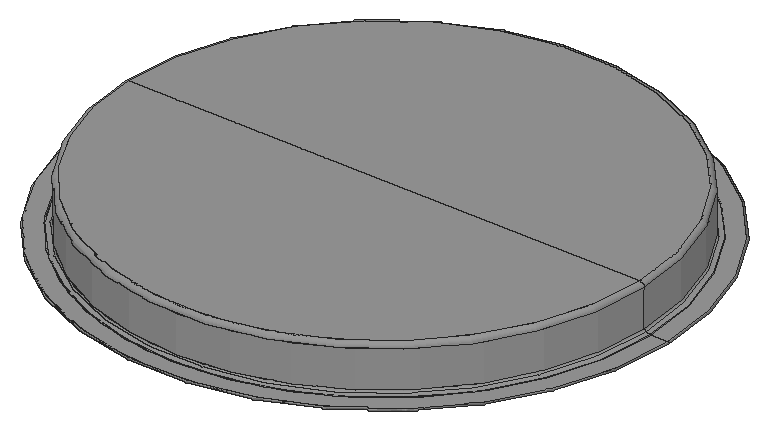
Revit family "MIA13_63_UN_Downlighter_ETK", category Lighting Fixtures, Revit 2017 (continued)
Definition of nested family "MIA.13 - Lightsource"
  Types (8, lengths in mm): name | Wattage | built-in parameter 1150134 | Photometric Web File | built-in parameter 1150142 | built-in parameter 1150105 | Lumens | built-in parameter 1150107 | built-in parameter 1150106
      5 175.7481 170.8884 165.4661 159.6765 \r\n154.0902 148.9101 143.8315 138.9796 134.5183 130.0492 \r\n124.666 118.9624 113.2042 107.3834 101.5314 95.8903 90.9915 \r\n86.1005 80.9829 75.67 70.3414 64.966 59.575 54.1761 48.7694 \r\n43.3784 38.1358 33.4948 28.8538 24.1113 19.3062 14.6105 \r\n10.4461 6.6411 3.7425 2.8987 2.8362 2.7737 \r\n345.652 346.9724 346.7615 346.0974 344.9019 343.48 342.5268 \r\n342.2064 342.0111 341.9095 341.9408 341.972 340.9251 \r\n339.6828 338.0186 335.7997 333.2839 331.0337 329.3226 \r\n327.674 326.3927 325.502 324.5332 322.7283 320.6813 318.228 \r\n315.2434 312.0009 308.8601 305.9536 303.0471 300.6719 \r\n298.5389 296.3357 293.7495 290.9993 288.0381 284.7644 \r\n281.3267 277.6076 273.2479 268.8804 265.2082 261.7626 \r\n258.4733 255.4184 252.5041 249.1757 244.9879 240.6204 \r\n235.9637 230.8227 225.6895 221.1032 216.6966 212.5166 \r\n208.6726 205.0473 201.1642 196.3982 191.64 186.5146 \r\n181.1313 175.7481 170.6618 165.7083 160.8094 155.9809 \r\n151.1759 146.2614 140.972 135.6825 130.4321 125.1973 \r\n119.8844 114.2746 108.4772 102.7971 97.3826 92.0775 86.8896 \r\n82.0298 77.1779 71.8181 66.2317 60.661 55.2153 49.8789 \r\n44.5504 39.2531 33.9636 29.0882 24.6894 20.361 15.8684 \r\n11.2978 6.7193 2.133 0 0 0 \r\n345.652 344.9176 345.3629 345.9489 346.1286 345.8005 \r\n345.1988 344.23 342.5971 340.9876 339.6359 338.4874 \r\n337.4326 336.9873 336.7138 336.0966 335.0496 333.737 \r\n332.0416 329.5336 327.0255 324.2831 321.4626 318.9312 \r\n317.2748 316.0091 314.5011 312.626 310.5633 308.1256 \r\n304.977 301.8361 298.1014 294.1949 290.6399 287.7569 \r\n285.2567 282.7018 279.9984 277.2404 274.0761 270.3649 \r\n266.6536 262.6533 258.5749 254.4183 250.1602 245.8395 \r\n241.6986 238.1124 234.5261 230.8462 227.1115 223.244 \r\n218.6733 213.7667 208.7116 203.4143 198.0389 192.9057 \r\n188.4757 184.0534 179.8891 175.8497 171.5681 166.5208 \r\n160.9501 155.3168 149.5351 143.7612 138.3233 133.6354 \r\n128.9554 123.8612 118.5874 113.2042 107.6412 101.9533 \r\n96.3825 91.2649 86.1786 80.811 75.1543 69.4664 64.1066 \r\n58.9265 53.7229 48.4804 43.2299 38.0577 33.3229 28.5882 \r\n23.7284 18.7827 13.923 9.8133 6.2505 3.4846 2.5627 2.594 \r\n2.6252 \r\n345.652 346.4568 346.5193 346.488 346.1442 345.2848 \r\n344.1519 342.9018 341.4329 340.0188 339.1671 338.9874 \r\n338.7843 338.2374 337.5889 336.5732 335.034 333.2057 \r\n331.1977 328.7288 326.2521 324.0722 322.0408 320.1031 \r\n318.5327 317.1185 315.4778 313.462 311.2353 308.6647 \r\n305.2348 301.797 298.2811 294.7262 291.4681 288.9132 \r\n286.7958 284.4363 281.5845 278.5686 275.209 271.1852 \r\n267.1693 262.708 258.0827 253.7855 250.082 246.8005 \r\n243.4409 239.8312 236.2138 232.1041 227.5803 223.0096 \r\n218.5796 214.2199 209.6648 204.7582 199.6406 194.6558 \r\n190.2649 185.8661 181.6001 177.4045 173.0682 168.0444 \r\n162.5518 156.981 151.2384 145.4411 139.7765 134.5808 \r\n129.3851 124.4785 119.7359 114.8605 109.5945 103.9847 \r\n98.3202 92.4838 86.6005 81.1079 76.1544 71.2712 66.177 \r\n60.9657 55.7387 50.4727 45.1832 39.9641 35.3153 30.6743 \r\n25.838 20.8141 15.7903 11.4384 7.6022 3.7659 0 0 0 \r\n345.652 344.3941 343.5112 342.683 342.5346 342.9409 \r\n343.4409 343.6206 343.4018 343.0815 341.9017 340.4485 \r\n338.7765 336.6591 334.4324 332.8698 331.9322 331.0649 \r\n330.1195 329.0726 328.0334 326.0723 324.0409 321.6736 \r\n318.8999 315.9544 313.1104 310.3758 307.7506 305.5395 \r\n303.719 301.8283 299.1171 296.3044 293.2651 289.9914 \r\n286.5771 282.8893 278.7718 274.7402 271.3415 268.31 \r\n265.3098 262.4111 259.5437 256.1059 252.0353 247.6912 \r\n243.1206 238.1592 233.1979 229.1507 225.3223 221.4939 \r\n217.6108 213.7198 209.4773 204.766 199.9297 194.8824 \r\n189.5304 184.1785 179.4125 174.7637 170.0914 165.3879 \r\n160.661 155.7934 150.629 145.4723 140.4016 135.4246 \r\n130.3774 124.6113 118.6421 112.876 107.3756 102.0314 \r\n96.8904 92.2181 87.5459 82.233 76.6388 71.0134 65.4192 \r\n59.8484 54.3792 49.082 43.8941 38.9249 34.4558 29.9867 \r\n25.1113 20.0953 15.2746 10.9149 6.8521 3.8362 3.0393 2.6096 \r\n2.1799 \r\n345.652 343.1909 343.1362 343.4175 343.8941 344.4488 \r\n344.6363 344.2456 343.5503 342.5033 340.6047 338.6983 \r\n337.167 335.7762 334.6277 333.9792 333.6354 332.9557 \r\n331.5493 329.9555 327.9787 325.3379 322.7049 320.0719 \r\n317.4389 315.0559 313.1182 311.4775 309.7195 307.5553 \r\n305.391 302.8127 299.9062 296.9138 293.1948 289.1085 \r\n285.3504 282.1627 279.3187 276.4591 273.537 270.6227 \r\n267.3725 263.9269 260.2703 255.9575 251.1915 246.5896 \r\n242.3392 238.2452 234.3621 231.1118 227.8616 223.9237 \r\n219.6422 215.1106 210.1883 204.9301 199.7969 195.1168 \r\n190.5149 185.9833 181.5454 177.1232 172.3728 167.435 \r\n162.3486 156.981 151.379 145.8551 140.886 135.9169 130.7915 \r\n125.5332 120.2438 114.9777 109.7117 104.5316 99.5312 \r\n94.6246 89.6008 83.8034 77.9983 72.4353 67.0365 61.7939 \r\n56.981 52.5822 48.0506 42.9877 37.7451 32.5338 27.4162 \r\n22.3142 17.4936 12.8682 8.2897 3.7112 0 0 0 \r\n345.652 345.9255 345.8239 345.6676 345.1129 343.9878 \r\n342.5736 341.2767 340.2297 339.2531 338.7999 338.8624 \r\n338.8468 338.0498 337.0263 335.6903 333.948 331.9869 \r\n329.807 327.1506 324.4863 322.8143 321.5564 320.2985 \r\n318.8452 317.3139 315.3528 312.7588 309.8914 306.7271 \r\n302.9534 299.1796 296.281 293.6636 291.1946 288.9054 \r\n286.7255 284.1472 280.7485 277.1779 273.2479 268.7632 \r\n264.2785 260.4735 256.8873 253.4104 250.0977 246.8865 \r\n243.4565 239.2999 235.1356 230.8852 226.5646 222.1814 \r\n217.3607 212.3291 207.5162 203.094 198.9452 195.1715 \r\n192.7104 190.2571 187.8037 185.3426 180.6704 172.7869 \r\n163.2315 155.1449 149.9805 144.8238 139.8078 134.909 \r\n130.0102 125.1582 120.3219 115.1809 109.6258 103.8831 \r\n98.203 92.6791 87.1552 82.2408 77.592 72.8885 67.8491 \r\n62.6533 57.4029 52.0822 46.7458 41.4876 36.3935 31.2993 \r\n26.8068 22.533 18.3217 14.173 10.0555 6.7583 5.1801 3.8597 \r\n2.5393 \r\n345.652 345.8395 345.402 344.816 343.7925 342.5502 341.6048 \r\n341.1204 340.8782 340.6516 340.4641 340.2766 339.4718 \r\n338.3936 337.1045 335.3465 333.276 331.1821 329.057 326.963 \r\n325.2207 324.2597 323.2987 321.8689 320.2438 318.2983 \r\n315.7512 312.751 309.6414 306.1411 302.6174 299.8516 \r\n297.8592 295.9528 293.6323 291.1009 288.3038 285.0223 \r\n281.397 277.6467 273.287 268.9194 265.091 261.6298 258.278 \r\n255.059 251.9337 248.5897 244.7222 240.6047 236.4482 \r\n232.1197 227.7912 223.0956 218.1733 213.3135 208.8054 \r\n204.6332 200.4922 196.4997 192.5385 188.1788 183.1706 \r\n178.0764 172.6307 166.974 161.497 156.52 151.9962 147.449 \r\n142.6361 137.8155 132.7526 127.4396 122.0642 116.4857 \r\n110.7274 105.1488 100.0156 95.2184 90.4055 85.3739 80.3344 \r\n75.1856 69.9273 64.7004 59.8015 55.2465 50.6055 45.6129 \r\n40.4485 35.3856 30.6508 25.9552 21.6736 17.7123 13.8448 \r\n9.9773 6.1099 2.2424 0 \r\n345.652 342.644 342.5815 342.894 343.2456 343.6362 343.8862 \r\n343.6675 342.894 342.0267 340.4172 338.6436 336.9326 \r\n335.3543 333.8073 332.7291 332.0884 331.3696 330.2836 \r\n328.7991 327.3146 325.0332 322.7362 320.2125 317.4389 \r\n314.5715 312.0088 309.8133 307.6334 305.5551 303.5472 \r\n301.4689 298.9218 296.3122 293.1323 289.3976 285.4442 \r\n281.5532 277.7483 274.0527 271.1774 268.6929 265.9973 \r\n262.6455 259.1218 255.2699 251.0821 246.7302 242.1283 \r\n237.1513 232.1666 228.3772 224.7988 221.0954 217.1498 \r\n213.0948 208.7507 204.0003 199.2187 194.5074 189.8742 \r\n185.241 179.9906 174.6465 169.4976 164.63 159.9031 155.3168 \r\n150.9805 146.5818 141.6126 136.1825 130.7133 125.002 \r\n119.2124 113.6183 108.2506 103.0471 98.1249 93.7964 89.4601 \r\n84.3582 78.9905 73.6386 68.4428 63.3018 58.3796 53.762 \r\n49.2226 44.6285 39.9484 35.2606 30.6274 26.002 21.6111 \r\n17.6654 13.9855 10.579 7.7272 4.9457 2.1564 \r\n345.652 343.269 342.6518 342.2533 342.4096 342.9096 \r\n343.3081 343.3393 343.0268 342.5971 341.1517 339.6437 \r\n337.8936 335.8622 333.7683 332.5104 331.9244 331.2603 \r\n330.4086 329.4085 328.3069 326.0645 323.83 321.3298 \r\n318.6186 315.845 313.1573 310.5633 308.0944 306.1099 \r\n304.3597 302.4611 300.0781 297.6404 294.5308 290.8977 \r\n287.0927 283.1862 279.1702 275.2559 272.201 269.3492 \r\n266.4271 263.3956 260.3328 256.7076 252.5666 248.2616 \r\n243.6753 238.7843 233.9011 230.182 226.4943 222.7127 \r\n218.8296 214.884 210.618 205.9458 201.2657 196.5857 191.89 \r\n187.1396 181.9048 176.6154 171.5993 166.8568 162.1767 \r\n157.3326 152.2228 147.1443 142.2924 137.5342 132.5807 \r\n127.0177 121.2985 115.7981 110.5321 105.4223 100.5938 \r\n96.2106 91.8197 86.6318 81.2954 75.9825 70.7243 65.4973 \r\n60.6297 56.2466 51.8947 47.4334 42.8627 38.2921 33.737 \r\n29.1898 24.7519 20.4469 16.2044 11.9697 7.7272 3.4925 0 \r\n345.652 344.3628 344.5191 344.8629 344.7222 344.1206 \r\n343.269 342.0502 340.2844 338.628 337.7764 337.2842 336.831 \r\n336.4638 336.12 335.2606 333.862 332.2291 330.2992 327.9475 \r\n325.5957 323.1815 320.7594 318.6499 317.0716 315.7122 \r\n314.1574 312.3603 310.3992 307.8756 304.7113 301.5548 \r\n297.7811 293.9136 290.4446 287.4756 284.7644 282.1861 \r\n279.8422 277.4045 274.2089 270.4196 266.5443 262.122 \r\n257.5436 253.301 249.457 245.7926 242.1595 238.5733 \r\n234.9793 230.9165 226.7052 222.4549 218.1733 213.8761 \r\n209.2038 204.0003 198.7108 193.7417 189.3195 184.8973 \r\n180.3344 175.7325 171.0915 166.3958 161.6611 156.6294 \r\n150.9884 145.316 139.8469 134.6355 129.4164 124.8301 \r\n120.4391 115.759 110.6571 105.3051 99.9141 94.4293 88.9444 \r\n83.4987 78.0764 72.7791 68.2866 64.1769 59.8172 55.0668 \r\n50.1524 45.316 40.7297 36.1356 32.0025 28.0803 24.1816 \r\n20.2516 16.2903 12.4619 8.9226 5.4536 1.9923 \r\n345.652 346.3786 346.5661 346.7146 347.0193 347.3865 \r\n347.4412 346.9959 346.2614 345.2067 343.2299 341.2454 \r\n339.4718 337.7842 336.3388 335.5106 335.0809 334.3542 \r\n333.0026 331.4478 329.5336 326.8068 324.0878 321.072 \r\n317.9311 315.1652 313.1495 311.6806 310.0477 307.86 \r\n305.6333 302.8127 299.4218 295.945 292.2338 288.3975 \r\n284.7176 281.3423 278.1545 275.0059 272.0681 269.1304 \r\n265.5911 261.6611 257.6061 253.3948 249.0585 244.691 \r\n240.2453 235.784 231.4321 227.5334 223.6347 219.7125 \r\n215.7903 211.6337 206.8834 201.6017 196.3122 190.968 \r\n185.6161 180.7251 176.5529 172.4666 167.8256 162.8565 \r\n157.7389 152.4103 146.8865 141.3392 135.5887 129.8383 \r\n124.6738 120.1031 115.6575 110.8602 105.7739 100.7266 \r\n95.7653 90.8587 85.8739 80.186 74.4902 69.107 63.9581 \r\n58.9421 54.1917 49.7148 45.277 41.0188 36.8466 32.5807 \r\n28.0647 23.5175 19.3218 15.384 11.704 8.5632 6.0161 3.469 \r\n0.9219 \r\n345.652 348.9491 349.0663 348.7851 348.2381 347.1287 \r\n345.6754 344.3003 343.0815 341.9252 341.1595 341.0345 \r\n340.9173 340.1828 339.2374 337.9561 336.1513 333.987 \r\n331.7525 329.2601 326.7599 324.6972 322.9627 321.2673 \r\n319.5718 317.8686 315.9934 313.8292 311.454 308.8288 \r\n305.2035 301.5704 297.9452 294.6793 291.6478 288.7335 \r\n285.9598 283.3268 280.6 277.4904 274.2558 270.6696 266.3099 \r\n261.8564 257.4185 252.9963 248.7772 245.0895 241.972 \r\n238.7608 234.9246 230.9946 226.7521 222.0955 217.3373 \r\n212.1572 206.6099 201.2735 196.5622 192.4135 188.2569 \r\n183.7722 179.2874 174.4511 169.2867 164.0284 158.9577 \r\n154.098 149.121 143.6597 137.9014 132.2603 127.1037 \r\n122.0095 117.1967 112.626 108.0241 102.9768 97.3357 91.7181 \r\n86.2489 80.8344 75.4981 70.3414 65.2238 60.5047 56.1763 \r\n51.8634 47.3474 42.5893 37.8233 33.2526 28.7054 24.4316 \r\n20.5329 16.7904 13.1651 9.6961 6.227 2.7658 0 \r\n345.652 345.4411 345.9333 346.5193 346.8787 347.0506 \r\n347.0115 346.4411 345.2379 343.9566 342.1361 340.1672 \r\n338.4796 337.292 336.245 335.3387 334.5808 333.7058 \r\n332.4557 330.7837 329.1116 326.2442 323.3378 320.4625 \r\n317.6264 314.8215 312.4697 310.6805 308.8366 306.7974 \r\n304.5941 302.2736 298.9296 295.4684 291.6947 287.6084 \r\n283.5143 279.9828 277.3264 274.6308 271.6618 268.56 \r\n265.2629 261.3251 257.2076 252.7932 248.0663 243.3237 \r\n238.878 234.8855 230.893 227.0099 223.1346 219.0718 \r\n214.6418 210.0633 205.4457 200.7813 196.0466 191.0149 \r\n185.6317 180.2485 175.4356 170.7086 166.1067 161.6611 \r\n157.2779 152.5041 146.9959 141.4798 135.9091 130.2992 \r\n124.7051 119.3531 114.0636 109.0788 104.4847 99.9922 \r\n95.1793 89.6711 84.1628 78.6468 73.1229 67.7787 62.9815 \r\n58.4343 53.887 49.3398 44.7769 40.1438 35.3934 30.6352 \r\n26.3067 22.1111 18.0483 14.1808 10.4383 7.3053 5.4145 \r\n3.6565 1.8908 \r\n345.652 347.2615 347.7615 348.0897 347.699 346.9568 \r\n345.9411 344.4332 342.6674 341.1126 340.3703 339.6281 \r\n339.1827 338.8937 338.4952 337.4561 335.9716 334.2136 \r\n331.8306 329.221 326.6818 324.3691 322.0564 320.3532 \r\n318.9468 317.4467 315.5168 313.2432 310.8446 308.0397 \r\n305.1645 301.9064 298.1327 294.2964 291.1399 288.3819 \r\n285.6239 282.8033 279.9281 276.9982 273.6229 270.2477 \r\n266.2161 261.5986 256.8638 252.426 248.2225 244.2535 \r\n240.8782 237.8545 234.698 230.5571 226.4083 221.7595 \r\n216.7357 211.5634 206.2583 200.8126 195.6247 191.3821 \r\n187.499 183.405 178.8187 174.162 169.0913 163.7159 158.3405 \r\n153.1448 148.1522 143.1206 137.7529 132.3307 127.0724 \r\n122.0486 117.0873 112.2275 107.4615 102.5471 97.242 91.5462 \r\n85.8583 80.4594 75.0527 69.7789 64.6222 59.5437 54.7387 \r\n50.2539 45.7067 40.9173 35.9637 31.0259 26.1739 21.322 \r\n17.0873 13.4229 9.9617 6.4927 3.0315 0 0 \r\n345.652 346.7693 345.8473 344.6754 344.1831 344.0816 \r\n344.0503 344.1128 344.23 344.23 343.1987 342.1439 340.5344 \r\n338.4093 336.1669 334.1042 332.1822 330.4633 329.2367 \r\n328.3069 327.2834 325.5176 323.7597 321.6111 318.9155 \r\n316.0169 313.0401 309.9852 307.0084 304.3675 302.0783 \r\n299.7812 297.3748 294.9527 292.1009 288.7413 285.1395 \r\n281.4204 277.4904 273.5761 269.7789 266.0677 262.4189 \r\n259.028 255.7153 252.3557 248.9413 245.402 241.4095 236.581 \r\n231.7525 226.7208 221.6345 216.8841 212.9385 209.3445 \r\n205.391 200.9219 196.3044 191.5071 186.4364 181.3579 \r\n175.8262 170.193 164.841 159.9656 155.3559 150.6446 \r\n145.7379 140.8001 135.7059 130.4477 125.2051 120.2203 \r\n115.3059 110.1414 104.6097 98.8984 93.2807 87.8975 82.5143 \r\n77.5217 72.7088 67.8491 62.6768 57.356 52.1213 47.0271 \r\n41.9798 36.9169 31.8072 26.7052 22.2517 18.0405 14.0792 \r\n10.6336 7.5084 5.0707 4.0784 3.3596 2.6486 \r\n345.652 344.7222 344.7613 344.941 345.2535 345.6286 \r\n345.6676 345.191 344.4566 343.4487 341.7533 340.0578 \r\n338.2764 336.456 334.8934 333.948 333.401 332.6666 331.5728 \r\n330.3461 328.6741 326.1505 323.6268 320.611 317.4154 \r\n314.4699 312.0244 309.9227 307.8756 306.063 304.2503 \r\n301.7814 298.7343 295.5856 291.9525 288.085 284.3503 \r\n280.8344 277.467 274.1777 271.2399 268.3022 264.9738 \r\n261.411 257.7389 253.8636 249.8476 245.6129 240.8938 \r\n236.0106 231.3149 227.3303 223.3378 219.3062 215.259 \r\n211.1337 206.8365 202.383 197.742 192.4135 186.9365 \r\n181.5845 176.42 171.2712 166.8255 162.794 158.5514 153.762 \r\n148.5116 143.2221 137.6045 131.9712 126.5568 121.3376 \r\n116.1653 110.9071 105.5864 100.2578 94.9059 89.5304 84.1394 \r\n78.5999 73.0682 67.8256 62.8018 57.8248 52.6916 47.41 \r\n42.183 37.1201 32.1431 27.299 22.8299 18.4077 14.1417 \r\n10.0008 5.8833 1.7736 0 0 0 \r\n345.652 344.8238 345.2457 345.8317 346.0583 345.9098 \r\n345.527 344.7066 343.1987 341.6673 339.9719 338.1827 \r\n336.6513 336.0263 335.6512 334.9793 333.9792 332.7604 \r\n331.1274 328.8069 326.4864 323.7206 320.8688 318.2671 \r\n316.1888 314.3371 312.4541 310.5477 308.5788 306.3599 \r\n303.7894 301.2188 297.4373 293.4526 289.6242 286.0458 \r\n282.5924 279.3734 276.5841 273.787 270.8258 267.7319 \r\n264.5207 260.2625 255.6997 251.129 246.5427 242.0189 \r\n237.8701 234.5886 231.3149 227.4475 223.3456 219.064 \r\n214.2824 209.2742 204.3128 199.4218 194.5621 189.7414 \r\n185.0066 180.2719 175.5528 170.8415 165.9739 160.8173 \r\n155.4887 150.2617 145.2535 140.2453 135.0262 129.4867 \r\n123.9472 118.6343 113.3995 108.2272 103.1643 98.1639 \r\n92.9604 87.1162 81.272 75.545 69.9039 64.38 59.6062 55.1996 \r\n50.5508 45.4879 40.2141 34.9168 29.5336 24.1503 19.1109 \r\n14.2355 9.8523 6.8677 4.8363 3.3596 3.1252 3.2815 3.4378 \r\n345.652 345.8708 344.8082 343.8706 343.2768 342.8237 \r\n342.7455 343.1206 343.3393 342.9643 342.1283 341.1829 \r\n339.4406 337.5967 335.5653 333.3542 331.1821 329.6117 \r\n328.9319 328.1741 326.7755 325.0801 323.2284 320.9157 \r\n318.478 315.6418 312.3916 309.1413 306.3052 304.0863 \r\n301.8673 299.75 297.6561 295.1949 292.1009 288.7413 \r\n285.0535 280.936 276.8498 273.1542 269.9352 266.724 \r\n263.6065 260.5047 257.0982 253.2854 249.2
      46 244.9019 \r\n239.9797 235.1043 230.604 226.3927 222.2283 218.3452 \r\n214.5402 210.4461 206.0005 201.3829 196.7497 192.0853 \r\n187.4131 182.1705 176.7326 171.3806 166.3724 161.5126 \r\n156.8326 152.4103 147.9725 143.0659 137.2842 131.4946 \r\n125.6114 119.7047 113.8995 108.321 102.8674 97.617 92.7729 \r\n87.9366 82.8112 77.2717 71.7322 66.0911 60.411 54.9809 \r\n49.9492 45.152 40.2844 35.2059 30.1352 25.0801 20.0484 \r\n15.134 11.0477 7.3678 3.6878 0 0 0 0 \r\n345.652 347.0896 345.9958 344.5816 343.4253 342.6049 \r\n341.972 341.6517 341.8939 342.0658 341.6517 340.7532 \r\n339.7297 337.8467 335.7294 333.5495 331.2993 329.096 \r\n327.3224 326.4552 325.5879 324.1034 322.4002 320.4625 \r\n317.9076 315.0715 312.1025 308.9382 305.7895 302.9221 \r\n300.6016 298.2811 295.8591 293.4135 290.7962 287.8741 \r\n284.7801 281.2798 276.9357 272.5525 268.4975 264.8801 \r\n261.2626 257.8561 254.5121 251.0977 247.574 243.9566 \r\n240.0031 235.0496 230.1039 225.2129 220.361 215.634 \r\n211.7431 208.2428 204.3988 199.9687 195.234 190.3586 \r\n185.0379 179.7094 174.623 169.6304 164.6769 159.7859 \r\n154.9262 149.9961 144.9019 139.7453 134.448 128.8304 \r\n123.2206 117.7983 112.4619 107.0709 101.547 95.9137 90.3196 \r\n84.8348 79.3578 74.1777 69.2945 64.4503 59.1843 53.7073 \r\n48.2538 42.8393 37.4717 32.2291 27.6193 23.0096 18.3374 \r\n13.6183 9.1648 6.2505 4.4535 3.0862 2.7111 2.8049 2.8987 \r\n" | 143.24 (stored number, unit not read) | 1800 lm | 3000 (stored number, unit not read) | 1.4324 (stored number, unit not read)
